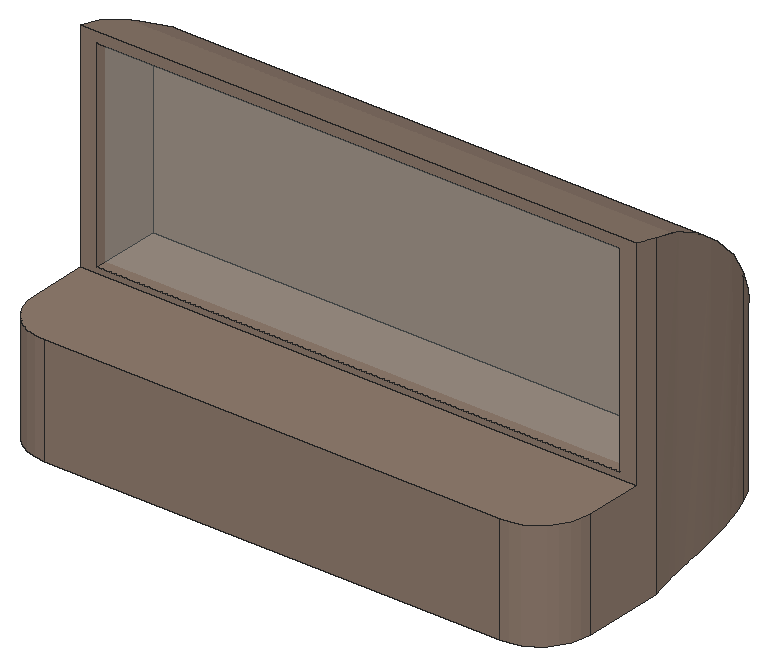
Revit family "LNC", category Lighting Fixtures, host Face, Revit 2012
Parameters (values of type "Bronze")
  Voltage = 120 V
  Wattage Comments = "12-22 W"
  URL = "http://www.hubbelloutdoor.com/"
  Product Page URL = "http://www.hubbelloutdoor.com/products/laredo_lnc"
  Product Documentation Link = "http://www.hubbelloutdoor.com/content/products/specs/specs_files/lnc_spec.pdf"
  Photometric Web = Web LNC : LNC-7LU-5K-4, 7 LED, 5000K, TYPE 4
  Model = "LNC"  # constant formula
  Manufacturer Phone = "(864)-678-1000"  # constant formula
  Manufacturer Fax = "(866)-898-1065"  # constant formula
  Manufacturer = "Hubbell outdoor Lighting"  # constant formula
  Lamp = "LED Lamp"
  Glass = White Glass
  Description = "Typical mounting height is up to 12 feet with 40ft fixture spacing (without acrylic diffuser) and 30ft spacing with acrylic diffuser installed."  # constant formula
  Default Elevation = 48.00"
  Backbox = Metal - Hubbell - Bronze
  Apparent Load = 0 VA
Types (6): name | Photometric Web | Backbox
  (no name) | Web LNC : LNC-7LU-5K-4, 7 LED, 5000K, TYPE 4 | Metal - Hubbell - Bronze
  Bronze | Web LNC : LNC-7LU-5K-4, 7 LED, 5000K, TYPE 4 | Metal - Hubbell - Bronze
  Black | Web LNC : LNC-5LU-3K-2, 5 LED, 3000K, TYPE 2 | Metal - Hubbell - Black
  Grey | Web LNC : LNC-5LU-3K-2, 5 LED, 3000K, TYPE 2 | Metal - Hubbell - Grey
  Platinum | Web LNC : LNC-5LU-3K-2, 5 LED, 3000K, TYPE 2 | Metal - Hubbell - Platinum
  White | Web LNC : LNC-5LU-3K-2, 5 LED, 3000K, TYPE 2 | Metal - Hubbell - White
Reference planes (in)
  plane 1 "Center (Front/Back)": y = 0.03999
  plane 2: z = 0
  plane 3 "Center (Left/Right)": x = 1.66944
  plane 4: z = 4.81
  plane 5: y = 2.66499
  plane 6: y = -2.58501
  plane 7: x = -2.44056
  plane 8: x = 5.77944
  plane 9: z = 0.25
  plane 10: z = 1.60156
  plane 11: y = -0.63501
  plane 12: x = -2.19056
  plane 13: x = 5.52944
  plane 14: z = 1.70156
  plane 15: y = -0.98501
  plane 16: z = 4.66
  plane 17: y = -0.73501
  plane 18: y = 2.51585
  plane 19: y = -0.73501
  plane 20: y = -0.83884
  plane 21: z = 5.06
  plane 22: y = 3.66499
  plane 23: x = -3.44056
  plane 24: x = 6.77944
  plane 25: x = 6.77944
  plane 26: z = 2.91
Forms (in)
  Extrusion 1, solid, material "Metal - Hubbell - Bronze" <- "Backbox"
    sketch origin (0, 0, 0) x (1, 0, 0) y (0, 1, 0)
      loop
        line (-2.44056, -0.98501) -> (-2.44056, -1.83501)
        arc (-2.44056, -1.83501) -> (-2.22089, -2.36534) -> (-1.69056, -2.58501) r 0.75
        line (-1.69056, -2.58501) -> (5.02944, -2.58501)
        arc (5.02944, -2.58501) -> (5.55977, -2.36534) -> (5.77944, -1.83501) r 0.75
        line (5.77944, -1.83501) -> (5.77944, -0.98501) -> (-2.44056, -0.98501)
    from 0 to 1.60156
  Extrusion 2, solid, material "White Glass" <- "Glass"
    sketch origin (10.23374, -0.63501, 48) x (1, 0, 0) y (0, 0, 1)
      loop
        line (-12.4243, -43.34) -> (-12.4243, -46.39844) -> (-4.7043, -46.39844) -> (-4.7043, -43.34) -> (-12.4243, -43.34)
    from 0.20383 to 0.1
  Extrusion 3, solid, material "Metal - Hubbell - Bronze" <- "Backbox"
    sketch origin (1.66944, 0, 0) x (0, 1, 0) y (0, 0, 1)
      loop
        arc (2.51585, 0) -> (1.68248, 3.07246) -> (-0.98501, 4.81) r 4.46752
        line (-0.98501, 4.81) -> (-0.98501, 0) -> (2.51585, 0)
    from -4.11 to 4.11
  Extrusion 4, void
    sketch origin (1.66944, 0, 0) x (0, 1, 0) y (0, 0, 1)
      loop
        line (0.03999, 1.70156) -> (0.03999, 4.08219)
        arc (0.03999, 4.08219) -> (-0.20855, 4.47049) -> (-0.62882, 4.66) r 0.8091
        line (-0.62882, 4.66) -> (-0.98501, 4.66) -> (-0.98501, 1.70156) -> (0.03999, 1.70156)
    from -3.86 to 3.86
  Extrusion 5, void
    sketch origin (0, 0, 0) x (1, 0, 0) y (0, 1, 0)
      loop
        line (6.77944, -0.63501) -> (6.77944, 0.91499)
        arc (6.77944, 0.91499) -> (5.97399, 2.85953) -> (4.02944, 3.66499) r 2.75
        line (4.02944, 3.66499) -> (-0.69056, 3.66499)
        arc (-0.69056, 3.66499) -> (-2.6351, 2.85953) -> (-3.44056, 0.91499) r 2.75
        line (-3.44056, 0.91499) -> (-3.44056, -0.63501) -> (-2.43184, -0.63501)
        spline (-2.43184, -0.63501) -> (-2.36694, -0.37515) -> (-2.32337, -0.19462) -> (-2.29228, -0.05222) -> (-2.26522, 0.09043) -> (-2.23732, 0.24838) -> (-2.20549, 0.42507) -> (-2.16663, 0.62388) -> (-2.11768, 0.8481) -> (-2.05776, 1.09217) -> (-1.99027, 1.33315) -> (-1.91911, 1.54606) -> (-1.84818, 1.70592)
        arc (-1.84818, 1.70592) -> (-1.39697, 2.29326) -> (-0.69056, 2.51585) r 1.23226
        line (-0.69056, 2.51585) -> (4.02944, 2.51585)
        arc (4.02944, 2.51585) -> (4.73586, 2.29326) -> (5.18707, 1.70592) r 1.23226
        spline (5.18707, 1.70592) -> (5.258, 1.54606) -> (5.32916, 1.33315) -> (5.39665, 1.09217) -> (5.45657, 0.8481) -> (5.50551, 0.62388) -> (5.54437, 0.42507) -> (5.57621, 0.24838) -> (5.60411, 0.09043) -> (5.63117, -0.05222) -> (5.66226, -0.19462) -> (5.70582, -0.37515) -> (5.77073, -0.63501)
        line (5.77073, -0.63501) -> (6.77944, -0.63501)
    from 0 to 5.06
Cuts and joins
  Extrusion 5 cuts Extrusion 1
  Extrusion 4, Extrusion 5 cuts Extrusion 3
  joined: Extrusion 1, Extrusion 3
Lines and regions (in)
  reference lines
    curve 1: arc (1.66944, 2.51585, 0) -> (1.66944, 1.68248, 3.07246) -> (1.66944, -0.98501, 4.81) r 4.46752
Dimensions and locks (in)
  plane 5 to plane 1 "Center (Front/Back)" to plane 6 = 2.625" locked, 2.625" locked
  plane 7 to plane 3 "Center (Left/Right)" to plane 8 = 4.11", 4.11"
  locked: plane 4 to host face at 4.81
  locked: plane 9 to host face at 0.25
  locked: plane 7 to plane 8 at 8.22
  plane 5 to plane 6 = 5.25"
  locked: plane 10 to host face at 1.60156
  plane 4 to host face = 4.81"
  plane 7 to plane 8 = 8.22"
  locked: plane 13 to plane 8 at 0.25
  plane 7 to plane 3 "Center (Left/Right)" to Extrusion 1 = 4.11" locked, 4.11" locked
  locked: plane 5 to plane 1 "Center (Front/Back)" at 2.625
  locked: plane 15 to Extrusion 1 at 1.6
  locked: plane 21 to plane 4 at 0.25
  locked: cut or joined group of Extrusion 1, Extrusion 3, Extrusion 4, Extrusion 5 to host face at 1.60156
  plane 15 to plane 20 to plane 19 to plane 11 to plane 1 "Center (Front/Back)" = 0.14617" locked, 0.10383" locked, 0.10" locked, 0.675" locked
  locked: plane 4 to plane 16 at 0.15
  locked: plane 14 to host face at 1.70156
  locked: plane 26 to plane 16 at 1.75
  aligned and locked: plane 2 to host face
  aligned and locked: level to host face
  aligned and locked: Extrusion 1 to level
  aligned and locked: Extrusion 1 to plane 7
  aligned and locked: Extrusion 1 to plane 8
  aligned and locked: Extrusion 1 sketch curve to plane 8
  aligned and locked: Extrusion 1 sketch curve to plane 6
  aligned and locked: plane 14 to Extrusion 4
  aligned and locked: Extrusion 1 sketch curve to plane 7
  aligned and locked: plane 15 to Extrusion 3 sketch curve
  aligned and locked: plane 14 to Extrusion 4 sketch curve
  aligned and locked: plane 17 to Extrusion 2
  aligned and locked: Extrusion 3 sketch curve to host face
  aligned and locked: plane 20 to Extrusion 2
  aligned and locked: Extrusion 4 to plane 12
  aligned and locked: Extrusion 4 to plane 13
  aligned and locked: plane 21 to Extrusion 5
  aligned and locked: Extrusion 5 to level
  aligned and locked: Extrusion 1 to plane 10
  aligned and locked: Extrusion 3 to plane 7
  aligned and locked: Extrusion 3 to plane 8
  aligned and locked: Extrusion 1 to Extrusion 3
  aligned and locked: Extrusion 2 to plane 12
  aligned and locked: Extrusion 2 to plane 13
  aligned and locked: Extrusion 2 to plane 16
  aligned and locked: plane 10 to Extrusion 2
  aligned and locked: Extrusion 2 to cut or joined group of Extrusion 1, Extrusion 3, Extrusion 4, Extrusion 5
  aligned and locked: plane 14 to cut or joined group of Extrusion 1, Extrusion 3, Extrusion 4, Extrusion 5
  aligned and locked: curve 1 to cut or joined group of Extrusion 1, Extrusion 3, Extrusion 4, Extrusion 5
  aligned and locked: plane 22 to Extrusion 5 sketch curve
  aligned and locked: plane 23 to Extrusion 5 sketch curve
  aligned and locked: plane 25 to Extrusion 5 sketch curve
  aligned and locked: Extrusion 5 sketch curve to plane 11  (x2)
  aligned and locked: plane 18 to Extrusion 5 sketch curve
  aligned and locked: plane 26 to nested 1
  aligned and locked: plane 3 "Center (Left/Right)" to nested 1
Nested families (in)
  nested 1: "Web LNC" at (1.70943, -0.63501, 3.14896) x (0, 0, 1) z (0, -1, 0), type <- "Photometric Web", type "LNC-7LU-5K-4, 7 LED, 5000K, TYPE 4"
Connectors (in)
  electrical at (1.66944, -0.24471, 0), driven by "Voltage", driven by "Description"
    settings: on cut or joined group of Extrusion 1, Extrusion 3, Extrusion 4, Extrusion 5, index 1, voltage 120 V, apparent load 0 VA, apparent load phase1 0 VA, apparent load phase2 0 VA, apparent load phase3 0 VA, power factor 1, load classification "Other", number of poles 1, system type 30, power factor state 1, is connector primary yes, connector utility no, sub classification motor no, connector description "Typical mounting height is up to 12 feet with 40ft fixture spacing (without acrylic diffuser) and 30ft spacing with acrylic diffuser installed."
Definition of nested family "Web LNC"
  Parameters (values of type "LNC-9LU-AM-4, 9 LED, Amber, Type 4")
    Wattage Comments = ""
    Wattage = 32 W
    built-in parameter 1150110 = 1 (stored number, unit not read)
    URL = ""
    built-in parameter 1114217 = 1 (stored number, unit not read)
    Tilt Angle = -90.00°
    built-in parameter 1150109 = 1 (stored number, unit not read)
    built-in parameter 1150134 = 3
    built-in parameter 1150113 = 1 (stored number, unit not read)
    Product Page URL = ""
    Product Documentation Link = ""
    Photometric Web File = "LNC-9LU-AM-4.ies"
    Model = ""
    Manufacturer Phone = "(864)-678-1000"
    Manufacturer Fax = "(866)-898-1065"
    Manufacturer = "Hubbell Outdoor Lighting"  # constant formula
    built-in parameter 1150105 = 206.9 (stored number, unit not read)
    Lumens = 2600 lm
    built-in parameter 1150115 = 1 (stored number, unit not read)
    built-in parameter 1150137 = (empty or 0)
    built-in parameter 1150139 = (empty or 0)
    built-in parameter 1150112 = 1 (stored number, unit not read)
    built-in parameter 1150114 = 1 (stored number, unit not read)
    Lamp = ""
    built-in parameter 1150132 = (empty or 0)
    built-in parameter 1150102 = (empty or 0)
    built-in parameter 1150107 = 3200 (stored number, unit not read)
    built-in parameter 1150138 = (empty or 0)
    built-in parameter 1150106 = 2.069 (stored number, unit not read)
    Emit from Line Length = 24.00"
    built-in parameter 1150104 = 7.5484 (stored number, unit not read)
    Dimming Lamp Color Temperature Shift = (empty or 0)
    Description = ""
    Default Elevation = 48.00"
    Color Filter = 16777215
    built-in parameter 1114218 = 1 (stored number, unit not read)
    built-in parameter 1150133 = 10 (stored number, unit not read)
  Types (26): name | built-in parameter 1150134 | Photometric Web File | built-in parameter 1150107 | Emit from Line Length
    LNC-5LU-3K-2, 5 LED, 3000K, TYPE 2 | (empty or 0) | "LNC-5LU-3K-2.IES" | 3000 (stored number, unit not read) | 24.00"
    LNC-5LU-3K-3-X, 5 LED, 3000K, TYPE 3 | 3 | "LNC-5LU-3K-3-X.IES" | 3200 (stored number, unit not read) | 24.00"
    LNC-5LU-3K-4-X, 5 LED, 3000K, TYPE 4 | 3 | "LNC-5LU-3K-4-X.IES" | 3200 (stored number, unit not read) | 3.00"
    LNC-5LU-4K-2, 5 LED, 4000K, TYPE 2 | 12 | "LNC-5LU-4K-2.IES" | 4000 (stored number, unit not read) | 24.00"
    LNC-5LU-4K-3-X, 5 LED, 4000K, TYPE 3 | 12 | "LNC-5LU-4K-3-X.IES" | 4000 (stored number, unit not read) | 24.00"
    LNC-5LU-4K-4-X, 5 LED, 4000K, TYPE 4 | 3 | "LNC-5LU-4K-4-X.IES" | 3200 (stored number, unit not read) | 24.00"
    LNC-5LU-5K-2, 5 LED, 5000K, TYPE 2 | 2 | "LNC-5LU-5K-2.IES" | 5000 (stored number, unit not read) | 24.00"
    LNC-5LU-5K-3, 5 LED, 5000K, TYPE 3 | 3 | "LNC-5LU.ies" | 3200 (stored number, unit not read) | 24.00"
    LNC-5LU-5K-4-X, 5 LED, 5000K, TYPE 4 | 3 | "LNC-5LU-5K-4-X.IES" | 3200 (stored number, unit not read) | 24.00"
    LNC-7LU-3K-2, 7 LED, 3000K, TYPE 2 | 3 | "LNC-7LU-3K-2.IES" | 3200 (stored number, unit not read) | 24.00"
    LNC-7LU-3K-3, 7 LED, 3000K, TYPE 3 | 3 | "LNC-7LU-3K-3.ies" | 3200 (stored number, unit not read) | 24.00"
    LNC-7LU-3K-4, 7 LED, 3000K, TYPE 4 | 3 | "LNC-7LU-3K-4.ies" | 3200 (stored number, unit not read) | 24.00"
    LNC-7LU-4K-2, 7 LED, 4000K, TYPE 2 | 3 | "LNC-7LU-4K-2.IES" | 3200 (stored number, unit not read) | 24.00"
    LNC-7LU-4K-3, 7 LED, 4000K, TYPE 3 | 3 | "LNC-7LU-4K-3.ies" | 3200 (stored number, unit not read) | 24.00"
    LNC-7LU-4K-4, 7 LED, 4000K, TYPE 4 | 3 | "LNC-7LU-4K-4.ies" | 3200 (stored number, unit not read) | 24.00"
    LNC-7LU-5K-2, 7 LED, 5000K, TYPE 2 | 3 | "LNC-7LU-5K-2.IES" | 3200 (stored number, unit not read) | 24.00"
    LNC-7LU-5K-3-X, 7 LED, 5000K, TYPE 3 | 3 | "LNC-7LU-5K-3-X.IES" | 3200 (stored number, unit not read) | 24.00"
    LNC-7LU-5K-4, 7 LED, 5000K, TYPE 4 | 3 | "LNC-7LU-5K-4.ies" | 3200 (stored number, unit not read) | 24.00"
    LNC-9LU-5K-4, 9 LED, 5000K, TYPE 4 | 3 | "LNC-9LU-5K-4.ies" | 3200 (stored number, unit not read) | 24.00"
    LNC-9LU-5K-2, 9 LED, 5000K, TYPE 2 | 3 | "LNC-9LU-5K-2.IES" | 3200 (stored number, unit not read) | 24.00"
    LNC-9LU-5K-3-X, 9 LED, 5000K, TYPE 3 | 3 | "LNC-9LU-5K-3-X.IES" | 3200 (stored number, unit not read) | 24.00"
    LNC-9LU-5K-3, 9 LED, Amber, Type 3 | 3 | "LNC-9LU-5K-3.IES" | 3200 (stored number, unit not read) | 24.00"
    LNC-9LU-3K-2, 9 LED, 3000K, TYPE 2 | 3 | "LNC-9LU-3K-2.IES" | 3200 (stored number, unit not read) | 24.00"
    LNC-9LU-4K-2, 9 LED, 4000K, TYPE 2 | 3 | "LNC-9LU-4K-2.IES" | 3200 (stored number, unit not read) | 24.00"
    LNC-9LU-AM-4, 9 LED, Amber, Type 4 | 3 | "LNC-9LU-AM-4.ies" | 3200 (stored number, unit not read) | 24.00"
    LNC-7LU-AM-3-X, 7 LED Amber. Type 3 | 3 | "LNC-7LU-AM-3-X.ies" | 3200 (stored number, unit not read) | 24.00"
  Reference planes (in)
    plane 1 "Center (Front/Back)": y = 0.03999
    plane 2: z = 0
    plane 3 "Center (Left/Right)": x = -0.23896
  Forms (in)
    Extrusion 1, solid
      sketch origin (0, 0, 0.06357) x (1, 0, 0) y (0, 1, 0)
        loop
          line (-48, 48) -> (-48, -48) -> (48, -48) -> (48, 48) -> (-48, 48)
      from -0.06357 to -6.06357
  Lines and regions (in)
    reference lines
      curve 1: line (-0.23896, 0.03999, 18.11448) -> (-0.23896, 0.03999, -22.88552)
      curve 2: line (-0.23896, 0.03999, 34) -> (-0.23896, 0.03999, -22.88552)
      curve 3: line (-0.23896, 29.03999, 0) -> (-0.23896, -29.96001, 0)
      curve 4: line (-37.23896, 0.03999, 0) -> (40.76104, 0.03999, 0)
  Dimensions and locks (in)
    aligned and locked: plane 2 to Extrusion 1
    aligned and locked: level to Extrusion 1
    aligned and locked: Extrusion 1 to imposter light
    aligned and locked: plane 3 "Center (Left/Right)" to imposter light
    aligned and locked: imposter light to plane 1 "Center (Front/Back)"
    aligned and locked: curve 1 to plane 3 "Center (Left/Right)"
    aligned and locked: plane 1 "Center (Front/Back)" to curve 2
    aligned and locked: curve 3 to plane 3 "Center (Left/Right)"
    aligned and locked: plane 1 "Center (Front/Back)" to curve 4
